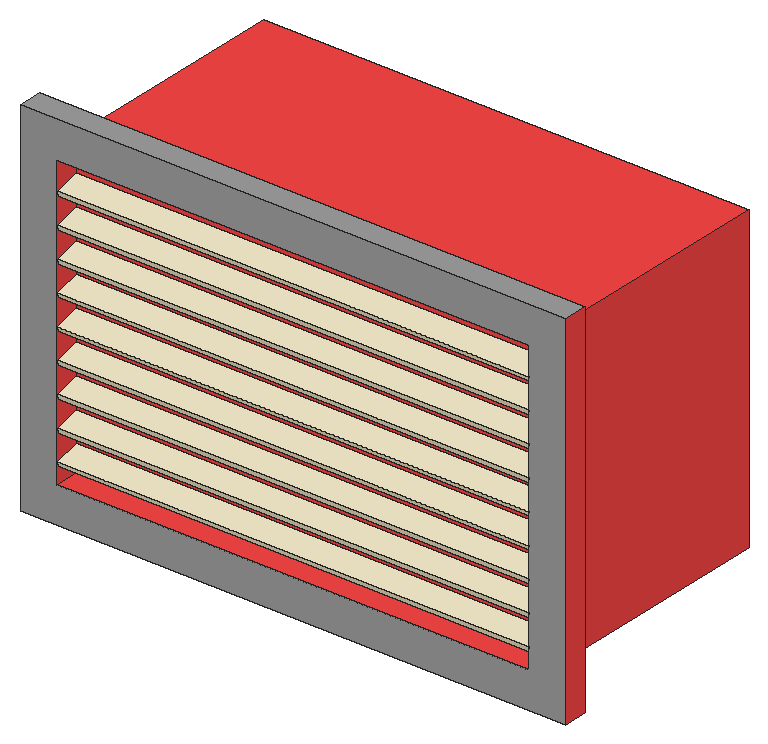
Revit family "Side Wall Grille-Small-Rectangular Connection-Return & Extact", category Air Terminals, Revit 2013
Parameters (values of type "Side Wall Grille-Supply-Small-300mm")
  Throw [instance] = 0 mm
  Space Between Fins [instance] = 25 mm
  Pressure Drop [instance] = 10.0 Pa
  Noise Level [instance] = 30
  No.of Fins = (Grille Height / 25 mm) - 1  # 9
  Neck Size = 0 mm
  Neck Depth [instance] = 200 mm
  Model = "7200"
  Material = "POWDER COATED AC"
  Manufacturer = "EH PRICE"
  Grilles Tag = ""
  Grille Width [instance] = 400 mm
  Grille Height = 250 mm
  Flange Width = 25 mm
  Flange Thk = 20 mm
  Diffuser Service = "SG"
  Damper Material = "S.S."
  Colour = "BY ARCHITECT"
  Air Terminal Type = "DOUBLE DEFLECTION GRILLE (SUPPLY)"
  Air Terminal Size = ""
  Air Flow [instance] = 0.0 L/s
Types (12, lengths in mm): name | Pressure Drop | Noise Level | No.of Fins | Model | Material | Manufacturer | Grilles Tag | Grille Width | Grille Height | Damper Material | Colour | Air Terminal Type
  Side Wall Grille-Supply-Small-150mm | 10.0 Pa | 30 | 11 | "7200" | "POWDER COATED AC" | "EH PRICE" | "" | 1000 | 300 | "S.S." | "BY ARCHITECT" | "DOUBLE DEFLECTION GRILLE (SUPPLY)"
  Side Wall Grille-Supply-Small-100mm | 0.0 Pa | 0 | 3 | 0 | "" | 0 | "" | 400 | 100 | "" | "" | ""
  Side Wall Grille-Supply-Small-200mm | 0.0 Pa | 0 | 7 | "7200" | "POWDER COATED AC" | "EH PRICE" | "SG-3" | 400 | 200 | "S.S." | "BY ARCHITECT" | "DOUBLE DEFLECTION GRILLE (SUPPLY)"
  Side Wall Grille-Supply-Small-250mm | 0.0 Pa | 0 | 9 | 0 | "" | 0 | "" | 400 | 250 | "" | "" | ""
  Side Wall Grille-Supply-Small-300mm | 10.0 Pa | 30 | 9 | "7200" | "POWDER COATED AC" | "EH PRICE" | "" | 400 | 250 | "S.S." | "BY ARCHITECT" | "DOUBLE DEFLECTION GRILLE (SUPPLY)"
  Side Wall Grille-Supply-Small-350 | 10.0 Pa | 30 | 13 | "7200" | "POWDER COATED AC" | "EH PRICE" | "" | 400 | 350 | "S.S." | "BY ARCHITECT" | "DOUBLE DEFLECTION GRILLE (SUPPLY)"
  Side Wall Grille-Return-Small-300mm | 0.0 Pa | 0 | 11 | 0 | "" | 0 | "" | 400 | 300 | "" | "" | ""
  Side Wall Grille-Return-Small-250mm | 0.0 Pa | 0 | 9 | 0 | "" | 0 | "" | 400 | 250 | "" | "" | ""
  Side Wall Grille-Return-Small-200mm | 0.0 Pa | 0 | 7 | "7200" | "POWDER COATED AC" | "EH PRICE" | "SG-3" | 400 | 200 | "S.S." | "BY ARCHITECT" | "DOUBLE DEFLECTION GRILLE (SUPPLY)"
  Side Wall Grille-Return-Small-100mm | 0.0 Pa | 0 | 3 | 0 | "" | 0 | "" | 400 | 100 | "" | "" | ""
  Side Wall Grille-Return-Small-150mm | 0.0 Pa | 0 | 5 | 0 | "" | 0 | "" | 400 | 150 | "" | "" | ""
  Side Wall Grille-Supply-Small | 0.0 Pa | 0 | 5 | "7200" | "POWDER COATED AC" | "EH PRICE" | "SG-2" | 400 | 150 | "S.S." | "BY ARCHITECT" | "DOUBLE DEFLECTION GRILLE (SUPPLY)"
Reference planes
  plane 1 "Center (Front/Back)": y = 0
  plane 2: z = 0
  plane 3 "Center (Left/Right)": x = 0
  plane 4: x = -200
  plane 5: x = 200
  plane 6: y = -20
  plane 7 "Neck": y = 200
  plane 8: x = -225
  plane 9: x = 225
  plane 10: x = -195
  plane 11: x = 195
  plane 12: z = 250
  plane 13: z = 5
  plane 14: z = 275
  plane 15: z = -25
  plane 16: z = 245
  plane 17: z = 25
  plane 18: y = -10
Forms (mm)
  Extrusion 1, solid, material "Grill-Extract"
    sketch origin (0, 0, 0) x (1, 0, 0) y (0, 0, 1)
      loop
        line (-225, -25) -> (225, -25) -> (225, 275) -> (-225, 275) -> (-225, -25)
      loop
        line (-195, 245) -> (-195, 5) -> (195, 5) -> (195, 245) -> (-195, 245)
    from 0 to 20 <- "Flange Thk"
  Extrusion 2, solid, material "Grill-Extract"
    sketch origin (0, 0, 0) x (1, 0, 0) y (0, 1, 0)
      loop
        line (-200, 0) -> (200, 0) -> (200, 200) -> (-200, 200) -> (-200, 0)
    from 0 to 250 <- "Grille Height"
Dimensions and locks
  equal spacing: plane 4, plane 3 "Center (Left/Right)", plane 5
  "Grille Width": plane 4 to plane 5
  "Flange Thk": plane 1 "Center (Front/Back)" to plane 6
  "Neck Depth": plane 1 "Center (Front/Back)" to plane 7 "Neck"
  "Flange Width": plane 8 to plane 4
  "Flange Width": plane 5 to plane 9
  locked: plane 4 to plane 10 at 5
  locked: plane 11 to plane 5 at 5
  locked: plane 13 to level at 5
  locked: plane 12 to plane 16 at 5
  "Flange Width": level to plane 15
  "Flange Width": plane 14 to plane 12
  locked: plane 17 to level at 25
  "Grille Height": plane 12 to level
  "Space Between Fins": Extrusion 2 to plane 17
  equal spacing: plane 1 "Center (Front/Back)", plane 18, plane 6
  equal spacing: group 1, group 2, group 3, group 4, group 5, group 6, group 7, group 8, group 9  (x3)
  aligned and locked: level to plane 2
Automatic sketch dimensions
  Extrusion 1 sketch curve to plane 8 = 0 mm
  Extrusion 1 sketch curve to plane 10 = 0 mm
  Extrusion 1 sketch curve to plane 11 = 0 mm
  Extrusion 1 sketch curve to plane 9 = 0 mm
  Extrusion 1 sketch curve to plane 15 = 0 mm
  Extrusion 1 sketch curve to plane 13 = 0 mm
  Extrusion 1 sketch curve to plane 16 = 0 mm
  Extrusion 1 sketch curve to plane 14 = 0 mm
  Extrusion 2 sketch curve to plane 4 = 0 mm
  Extrusion 2 sketch curve to plane 5 = 0 mm
  plane 1 "Center (Front/Back)" to Extrusion 2 sketch curve = 0 mm
  Extrusion 2 sketch curve to plane 7 "Neck" = 0 mm
Nested families
  nested 1: "Fins" at (0, 0, 25) x (1, 0, 0) z (0, -0.9659, -0.2588), type "Fins"
    with Grille Width 400 mm
  nested 2: "Fins" at (0, 0, 50) x (1, 0, 0) z (0, -0.9659, -0.2588), type "Fins"
    with Grille Width 400 mm
  nested 3: "Fins" at (0, 0, 75) x (1, 0, 0) z (0, -0.9659, -0.2588), type "Fins"
    with Grille Width 400 mm
  nested 4: "RDIFF-ARR" at (-0.164, -69.836, 0) x (0, -1, 0) z (0, 0, 1), type "Return Diffuser Arrow"
  nested 5: "Fins" at (0, 0, 100) x (1, 0, 0) z (0, -0.9659, -0.2588), type "Fins"
    with Grille Width 400 mm
  nested 6: "Fins" at (0, 0, 125) x (1, 0, 0) z (0, -0.9659, -0.2588), type "Fins"
    with Grille Width 400 mm
  nested 7: "Fins" at (0, 0, 150) x (1, 0, 0) z (0, -0.9659, -0.2588), type "Fins"
    with Grille Width 400 mm
  nested 8: "Fins" at (0, 0, 175) x (1, 0, 0) z (0, -0.9659, -0.2588), type "Fins"
    with Grille Width 400 mm
  nested 9: "Fins" at (0, 0, 200) x (1, 0, 0) z (0, -0.9659, -0.2588), type "Fins"
    with Grille Width 400 mm
  nested 10: "Fins" at (0, 0, 225) x (1, 0, 0) z (0, -0.9659, -0.2588), type "Fins"
    with Grille Width 400 mm
Connectors
  hvac at (0, 200, 125), driven by "Grille Width", driven by "Grille Height"
    settings: on Extrusion 2, index 1, duct flow 0.0 L/s, flow factor 0, pres drop 0.0 Pa, loss coef 0, conn angle 0.00°, conn width 400 mm, conn height 250 mm, conn radius 304.8 mm, duct sys type 29, conn prof type 1, flow config 0, flow direction 0, loss method 0, conn ref index -1, conn util no, is conn primary yes, conn desc ""
Definition of nested family "Fins"
  Parameters (values of type "Fins")
    Slot = Grille
    Grille Width = 1000 mm
    Flange Thk = 20 mm
  Reference planes
    plane 1 "Center (Front/Back)": y = 0
    plane 2: z = 0
    plane 3 "Center (Left/Right)": x = 0
    plane 4: x = -500
    plane 5: x = 500
    plane 6: y = -2
    plane 7: y = 2
    plane 8: x = -495
    plane 9: x = 495
  Forms (mm)
    Extrusion 1, solid, material "Grille"
      sketch origin (0, 0, 0) x (1, 0, 0) y (0, 1, 0)
        loop
          line (-495, -2) -> (495, -2) -> (495, 2) -> (-495, 2) -> (-495, -2)
      from 0 to 20 <- "Flange Thk"
  Dimensions and locks
    equal spacing: plane 7, plane 1 "Center (Front/Back)", plane 6
    locked: plane 7 to plane 6 at 4
    "Grille Width": plane 4 to plane 5
    equal spacing: plane 4, plane 3 "Center (Left/Right)", plane 5
    locked: plane 4 to plane 8 at 5
    locked: plane 9 to plane 5 at 5
    aligned and locked: level to plane 2
    aligned and locked: plane 9 to Extrusion 1
  Automatic sketch dimensions
    plane 4 to Extrusion 1 sketch curve = 5 mm
    Extrusion 1 sketch curve to plane 5 = 5 mm
    Extrusion 1 sketch curve to plane 6 = 0 mm
    Extrusion 1 sketch curve to plane 7 = 0 mm
Definition of nested family "RDIFF-ARR"
  Parameters (values of type "Return Diffuser Arrow")
    Width = (Length / 2) / cos(15.00°)  # 310.583 mm
    Length = 600 mm
  Reference planes
    plane 1 "Center (Front/Back)": y = 0
    plane 2: z = 0
    plane 3 "Center (Left/Right)": x = 0
  Lines and regions (mm)
    Filled region 1, type "Solid Fill - Black", in view "Ref. Level"
      outline origin (0, 0, 0) x (1, 0, 0) y (0, 1, 0)
        loop
          line (0, 0) -> (100, -40.402) -> (100, -8) -> (151.671, -8) -> (165.59, -65.605) -> (187.478, 22.181) -> (196.132, -8) -> (250, -8) -> (250, 8) -> (200.771, 8) -> (186.785, 60.601) -> (165.359, -25.334) -> (156.736, 8) -> (100.118, 8) -> (100.118, 40.45) -> (0, 0)
    detail lines, in view "Ref. Level"
      curve 1: line (0, 0, 0) -> (100.118, 40.45, 0)
      curve 2: line (100.118, 40.45, 0) -> (100.118, 8, 0)
      curve 3: line (100.118, 8, 0) -> (156.736, 8, 0)
      curve 4: line (156.736, 8, 0) -> (165.359, -25.334, 0)
      curve 5: line (165.359, -25.334, 0) -> (186.785, 60.601, 0)
      curve 6: line (186.785, 60.601, 0) -> (200.771, 8, 0)
      curve 7: line (200.771, 8, 0) -> (250, 8, 0)
      curve 8: line (250, 8, 0) -> (250, -8, 0)
      curve 9: line (250, -8, 0) -> (196.132, -8, 0)
      curve 10: line (196.132, -8, 0) -> (187.478, 22.181, 0)
      curve 11: line (187.478, 22.181, 0) -> (165.59, -65.605, 0)
      curve 12: line (165.59, -65.605, 0) -> (151.671, -8, 0)
      curve 13: line (151.671, -8, 0) -> (100, -8, 0)
      curve 14: line (100, -8, 0) -> (100, -40.402, 0)
      curve 15: line (0, 0, 0) -> (100, -40.402, 0)
